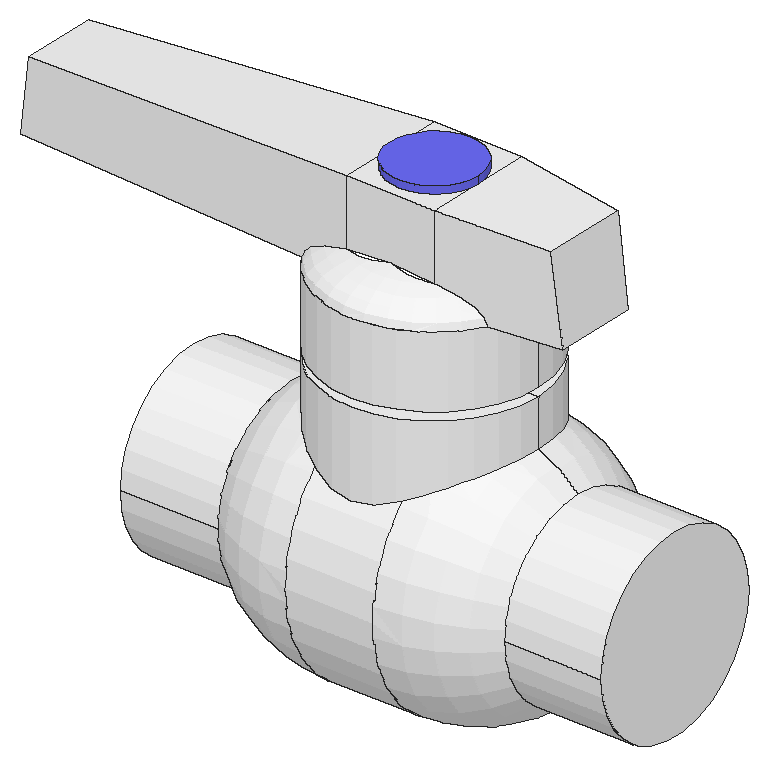
Revit family "PA_Арматура трубопроводов [кран шаровой полипропиленовый VTp.743.0]1 - VALTEC", category Арматура трубопроводов, Revit 2019
Family settings
  Размер круглого соединителя = Использовать диаметр
  Тип детали = Клапан - Вставляется
  На основе рабочей плоскости = Нет
  Всегда вертикально = Да
  При загрузке вырезать с полостями = Нет
  Общий = Нет
Parameters (values of type "VTp.743.0")
  Таблица = "PA_Арматура трубопроводов [кран шаровой полипропиленовый VTp.743.0] - VALTEC"  # constant formula
  Пользовательский [instance] = no
  Manufacturer = ""
  r [instance] = size_lookup(Таблица, "r", 0 mm, D)  # 20.9 mm
  h4 [instance] = size_lookup(Таблица, "h4", 0 mm, D)  # 4.8 mm
  h5 [instance] = size_lookup(Таблица, "h5", 0 mm, D)  # 5.8 mm
  h6 [instance] = size_lookup(Таблица, "h6", 0 mm, D)  # 2.5 mm
  d5 [instance] = size_lookup(Таблица, "d5", 0 mm, D)  # 12.8 mm
  b2 [instance] = size_lookup(Таблица, "b2", 0 mm, D)  # 23.4 mm
  h3 [instance] = size_lookup(Таблица, "h3", 0 mm, D)  # 10.4 mm
  h2 [instance] = size_lookup(Таблица, "h2", 0 mm, D)  # 1.2 mm
  dn [instance] = size_lookup(Таблица, "dn", 0 mm, D)  # 26.8 mm
  a2 [instance] = size_lookup(Таблица, "a2", 0 mm, D)  # 14.5 mm
  a1 [instance] = size_lookup(Таблица, "a1", 0 mm, D)  # 14.1 mm
  b1 [instance] = size_lookup(Таблица, "b1", 0 mm, D)  # 56 mm
  h1 [instance] = size_lookup(Таблица, "h1", 0 mm, D)  # 24.1 mm
  d1 [instance] = size_lookup(Таблица, "d1", 0 mm, D)  # 38.5 mm
  d4 [instance] = size_lookup(Таблица, "d4", 0 mm, D)  # 16 mm
  d2 [instance] = size_lookup(Таблица, "d2", 0 mm, D)  # 30.4 mm
  d3 [instance] = size_lookup(Таблица, "d3", 0 mm, D)  # 24.5 mm
  D [instance] = 20 mm
  URL = "https://valtec.ru/"
  e [instance] = size_lookup(Таблица, "e", 0 mm, D)  # 15 mm
  H [instance] = size_lookup(Таблица, "H", 0 mm, D)  # 34 mm
  B [instance] = size_lookup(Таблица, "B", 0 mm, D)  # 56 mm
  ADSK_Расход жидкости [instance] = 0.0 L/s
  ADSK_Примечание [instance] = ""
  ADSK_Потеря давления жидкости [instance] = 0.0 Pa
  ADSK_Позиция [instance] = ""
  ADSK_Обозначение [instance] = "VTp.743.0"  # constant formula
  ADSK_Наименование [instance] = size_lookup(Таблица, "", "Данный типоразмер отсутствует", D)  # "Кран шаровой полипропиленовый,  20 мм"
  Материал доп.1 = Синий - VALTEC
  ADSK_Материал = Белый - VALTEC
  ADSK_Масса [instance] = size_lookup(Таблица, "Масса", 0, D)  # 0.122
  ADSK_Марка [instance] = size_lookup(Таблица, "Маркировка", "Данный типоразмер отсутствует", D)  # "VTp.743.0"
  ADSK_Код изделия [instance] = size_lookup(Таблица, "Код продукта", "Данный типоразмер отсутствует", D)  # "VTp.743.0.020"
  ADSK_Завод-изготовитель [instance] = "VALTEC"  # constant formula
  ADSK_Единица измерения [instance] = "шт."  # constant formula
  ADSK_URL страницы изделия = "https://valtec.ru/catalog/sistemy_polipropilenovyh_truboprovodov/armatura_dlya_polipropilenovyh_truboprovodov/kran_polipropilenovyj_dlya_goryachej_vody_vtp7430.html"
  ADSK_URL документации изделия = "https://valtec.ru/document/technical/VTp.743-0519.pdf"
  A [instance] = size_lookup(Таблица, "A", 0 mm, D)  # 70 mm
Reference planes
  plane 1 "По центру (Вперед/Назад)": y = 0
  plane 2: z = 0
  plane 3 "По центру (Влево/Вправо)": x = 0
  plane 4: x = 35
  plane 5: y = 19.25
  plane 6: y = -19.25
  plane 7: x = -35
  plane 8: x = -20.9
  plane 9: x = -6.4
  plane 10: x = 20.9
  plane 11: x = 6.4
  plane 12: z = 19.25
  plane 13: z = -19.25
  plane 14: z = 13.4
  plane 15: z = -13.4
  plane 16: z = 24.1
  plane 17: z = 25.3
  plane 18: z = 35.7
  plane 19: z = 40.5
  plane 20: z = 48.8
  plane 21: x = -12.25
  plane 22: x = -15.2
  plane 23: x = 12.25
  plane 24: x = 15.2
  plane 25: x = -56
  plane 26 "b": x = 23.4
  plane 27: y = 8
  plane 28: y = -8
  plane 29: z = 49.8
  plane 30: x = -61
  plane 31: z = 54.8
  plane 32: x = 28.4
  plane 33: z = 46.3
Forms (mm)
  Extrusion 1, solid, material "Белый - VALTEC" <- "ADSK_Материал", detail levels medium+fine
    sketch origin (0, 0, 0) x (0, 1, 0) y (0, 0, 1)
      loop
        circle (0, 0) r 13.4
    from -35 to -20.9
  Extrusion 2, solid, material "Белый - VALTEC" <- "ADSK_Материал", detail levels medium+fine
    sketch origin (0, 0, 0) x (0, 1, 0) y (0, 0, 1)
      loop
        circle (0, 0) r 13.4
    from 20.9 to 35
  Revolve 3, solid, material "Белый - VALTEC" <- "ADSK_Материал", detail levels medium+fine
    sketch origin (0, 0, 0) x (1, 0, 0) y (0, 0, 1)
      loop
        arc (-6.4, 19.25) -> (-14.218, 17.732) -> (-20.9, 13.4) r 20.9
        line (-20.9, 13.4) -> (-20.9, 0) -> (20.9, 0) -> (20.9, 13.4)
        arc (20.9, 13.4) -> (14.218, 17.732) -> (6.4, 19.25) r 20.9
        line (6.4, 19.25) -> (-6.4, 19.25)
      axis (-20.9, 0) -> (20.9, 0)
    angle from 0 to 360
  Revolve 4, solid, material "Белый - VALTEC" <- "ADSK_Материал", detail levels medium+fine
    sketch origin (0, 0, 0) x (1, 0, 0) y (0, 0, 1)
      loop
        spline (0, 40.5) -> (-1.984, 40.459) -> (-3.934, 40.336) -> (-5.817, 40.135) -> (-7.6, 39.857) -> (-9.253, 39.508) -> (-10.748, 39.094) -> (-12.059, 38.622) -> (-13.164, 38.1) -> (-14.043, 37.537) -> (-14.682, 36.942) -> (-15.07, 36.327) -> (-15.2, 35.7)
        line (-15.2, 35.7) -> (-15.2, 25.3) -> (-12.25, 25.3) -> (-12.25, 24.1) -> (-15.2, 24.1) -> (-15.2, 0) -> (0, 0) -> (0, 40.5)
      axis (0, 40.5) -> (0, 0)
    angle from 0 to 360
  Extrusion 5, solid, material "Белый - VALTEC" <- "ADSK_Материал", detail levels medium+fine
    sketch origin (0, 0, 0) x (1, 0, 0) y (0, 1, 0)
      loop
        line (-6.4, 8) -> (-56, 5.401) -> (-56, -5.401) -> (-6.4, -8) -> (6.4, -8) -> (23.4, -5.913) -> (23.4, 5.913) -> (6.4, 8) -> (-6.4, 8)
    from 35.7 to 48.8
  Extrusion 6, solid, material "Синий - VALTEC" <- "Материал доп.1", detail levels medium+fine
    sketch origin (0, 0, 0) x (1, 0, 0) y (0, 1, 0)
      loop
        circle (0, 0) r 6.4
    from 48.8 to 49.8
  Extrusion 7, void
    sketch origin (0, 0, 0) x (1, 0, 0) y (0, 0, 1)
      loop
        line (-56, 35.7) -> (-54.702, 46.269) -> (-6.4, 48.8) -> (6.4, 48.8) -> (21.891, 47.988) -> (23.4, 35.7) -> (28.4, 35.7) -> (28.4, 54.8) -> (-61, 54.8) -> (-61, 35.7) -> (-56, 35.7)
    from -8 to 8
Cuts and joins
  Extrusion 7 cuts Extrusion 1
  Extrusion 7 cuts Extrusion 2
  Extrusion 7 cuts Revolve 3
  Extrusion 7 cuts Revolve 4
  Extrusion 7 cuts Extrusion 5
  joined: Extrusion 1, Extrusion 2, Revolve 3, Revolve 4, Extrusion 5
Lines and regions (mm)
  symbolic lines, detail levels coarse
    curve 1: line (35, 0, -19.25) -> (-35, 0, 19.25)
    curve 2: line (-35, 0, -19.25) -> (35, 0, 19.25)
    curve 3: line (35, 0, -19.25) -> (35, 0, 19.25)
    curve 4: line (-35, 0, -19.25) -> (-35, 0, 19.25)
  model lines, detail levels coarse
    curve 5: line (35, -19.25, 0) -> (-35, 19.25, 0)
    curve 6: line (35, 19.25, 0) -> (-35, -19.25, 0)
    curve 7: line (35, 19.25, 0) -> (35, -19.25, 0)
    curve 8: line (-35, 19.25, 0) -> (-35, -19.25, 0)
  reference lines
    curve 9: line (-35, 0, 0) -> (35, 0, 0)
Dimensions and locks
  equal spacing: plane 4, plane 3 "По центру (Влево/Вправо)", plane 7
  "A": plane 4 to plane 7
  "a1": plane 8 to plane 7
  "a2": plane 9 to plane 8
  "a1": plane 10 to plane 4
  "a2": plane 11 to plane 10
  equal spacing: plane 12, plane 2, plane 13
  "d1": plane 12 to plane 13
  equal spacing: plane 14, plane 2, plane 15
  "dn": plane 14 to plane 15
  equal spacing: plane 23, plane 3 "По центру (Влево/Вправо)", plane 21
  equal spacing: plane 24, plane 3 "По центру (Влево/Вправо)", plane 22
  "d3": plane 23 to plane 21
  "d2": plane 24 to plane 22
  "h4": Revolve 4 sketch curve to Revolve 4 sketch curve
  "b1": plane 3 "По центру (Влево/Вправо)" to plane 25
  "b2": plane 26 "b" to plane 3 "По центру (Влево/Вправо)"
  equal spacing: plane 28, plane 1 "По центру (Вперед/Назад)", plane 27
  "d4": plane 28 to plane 27
  locked: plane 25 to plane 30 at 5
  locked: plane 32 to plane 26 "b" at 5
  locked: plane 31 to plane 29 at 5
  "h1": plane 16 to plane 2
  "h2": plane 17 to plane 16
  "h3": plane 18 to plane 17
  "h4": plane 19 to plane 18
  "h5": plane 33 to plane 19
  "h6": plane 20 to plane 33
  locked: plane 29 to plane 20 at 1
  equal spacing: plane 6, plane 1 "По центру (Вперед/Назад)", plane 5
  "d1": plane 6 to plane 5
  "dn": diameter of Extrusion 1 sketch curve
  "dn": diameter of Extrusion 2 sketch curve
  "r": radius of Revolve 3 sketch curve  (x2)
  "d5": diameter of Extrusion 6 sketch curve
  locked: plane 28 to Extrusion 5 sketch curve (angle 7.00°)
  locked: Extrusion 5 sketch curve to plane 27 (angle 7.00°)
  locked: Extrusion 5 sketch curve to plane 28 (angle 3.00°)
  locked: plane 27 to Extrusion 5 sketch curve (angle 3.00°)
  locked: Extrusion 7 sketch curve to plane 25 (angle 7.00°)
  locked: plane 20 to Extrusion 7 sketch curve (angle 3.00°)
  angle plane 26 "b" to Extrusion 7 sketch curve = 7.00°
  angle Extrusion 7 sketch curve to plane 20 = 3.00°
  aligned and locked: level to plane 2
  aligned and locked: plane 2 to Extrusion 1 sketch curve
  aligned and locked: plane 1 "По центру (Вперед/Назад)" to Extrusion 1 sketch curve
  aligned and locked: plane 2 to Extrusion 2 sketch curve
  aligned and locked: plane 1 "По центру (Вперед/Назад)" to Extrusion 2 sketch curve
  aligned and locked: Extrusion 1 to plane 7
  aligned and locked: plane 8 to Extrusion 1
  aligned and locked: plane 10 to Extrusion 2
  aligned and locked: Extrusion 2 to plane 4
  aligned and locked: plane 9 to Revolve 3 sketch curve
  aligned and locked: plane 11 to Revolve 3 sketch curve
  aligned and locked: plane 12 to Revolve 3 sketch curve
  aligned and locked: plane 8 to Revolve 3 sketch curve
  aligned and locked: plane 10 to Revolve 3 sketch curve
  aligned and locked: Revolve 3 sketch curve to plane 2  (x2)
  aligned and locked: plane 14 to Revolve 3 sketch curve  (x2)
  aligned and locked: Revolve 4 sketch curve to plane 3 "По центру (Влево/Вправо)"  (x2)
  aligned and locked: plane 2 to Revolve 4 sketch curve
  aligned and locked: plane 21 to Revolve 4 sketch curve
  aligned and locked: plane 16 to Revolve 4 sketch curve
  aligned and locked: Revolve 4 sketch curve to plane 17
  aligned and locked: plane 18 to Revolve 4 sketch curve  (x2)
  aligned and locked: plane 22 to Revolve 4 sketch curve  (x2)
  aligned and locked: plane 3 "По центру (Влево/Вправо)" to Revolve 4 sketch curve
  aligned and locked: plane 9 to Extrusion 5 sketch curve  (x2)
  aligned and locked: plane 11 to Extrusion 5 sketch curve  (x2)
  aligned and locked: Extrusion 5 sketch curve to plane 27
  aligned and locked: plane 28 to Extrusion 5 sketch curve
  aligned and locked: Extrusion 5 sketch curve to plane 25
  aligned and locked: plane 18 to Extrusion 5
  aligned and locked: Extrusion 5 to plane 20
  aligned and locked: plane 3 "По центру (Влево/Вправо)" to Extrusion 6 sketch curve
  aligned and locked: plane 1 "По центру (Вперед/Назад)" to Extrusion 6 sketch curve
  aligned and locked: plane 20 to Extrusion 6
  aligned and locked: Extrusion 6 to plane 29
  aligned and locked: plane 26 "b" to Extrusion 5 sketch curve
  aligned and locked: plane 30 to Extrusion 7 sketch curve
  aligned and locked: Extrusion 7 sketch curve to plane 18  (x2)
  aligned and locked: Extrusion 7 sketch curve to plane 31
  aligned and locked: Extrusion 7 sketch curve to plane 32
  aligned and locked: plane 9 to Extrusion 7 sketch curve
  aligned and locked: plane 11 to Extrusion 7 sketch curve
  aligned and locked: plane 20 to Extrusion 7 sketch curve
  aligned and locked: plane 27 to cut or joined group of Extrusion 1, Extrusion 2, Revolve 3, Revolve 4, Extrusion 5, Extrusion 7
  aligned and locked: plane 28 to cut or joined group of Extrusion 1, Extrusion 2, Revolve 3, Revolve 4, Extrusion 5, Extrusion 7
  aligned and locked: plane 4 to curve 1
  aligned and locked: plane 13 to curve 1
  aligned and locked: plane 4 to curve 2
  aligned and locked: plane 12 to curve 3
  aligned and locked: plane 12 to curve 4
  aligned and locked: plane 13 to curve 4
  aligned and locked: plane 7 to curve 4
  aligned and locked: plane 5 to curve 8
  aligned and locked: plane 6 to curve 8
  aligned and locked: plane 6 to curve 5
  aligned and locked: plane 4 to curve 5
  aligned and locked: plane 5 to curve 6
  aligned and locked: plane 4 to curve 6
  aligned and locked: plane 7 to curve 6
  aligned and locked: curve 8 to plane 7
  aligned and locked: plane 7 to curve 9
  aligned and locked: plane 4 to curve 9
  aligned and locked: curve 9 to plane 2
Automatic sketch dimensions
  Revolve 3 sketch curve to plane 7 = 1442.53 mm
  Revolve 4 sketch curve to plane 13 = 346.795 mm
  Extrusion 7 sketch curve to plane 25 = 0 mm
  plane 26 "b" to Extrusion 7 sketch curve = 0 mm
  Revolve 3 sketch curve to plane 4 = 1775.148 mm
  Revolve 4 sketch curve to plane 29 = 2124.115 mm
Connectors
  piping at (-35, 0, 0), diameter 20, driven by "D", driven by "ADSK_Расход жидкости", driven by "ADSK_Потеря давления жидкости"
    settings: on curve 9, index 1, connector inside diameter 609.6 mm, connector length 0 mm, flow factor 0, pipe flow 0.0 L/s, pressure drop 0.0 Pa, fitting loss kfactor 0, connector angle 0.00°, fixture units 0, engagement length 0 mm, angle of deflection 0.00°, flow configuration 0, flow direction 0, fitting loss method 4, system type 29, joint type 0, gender type 0, connector reference index 2, connector utility 0, adjustable connector no, is connector primary yes, connector description ""
  piping at (35, 0, 0), diameter 20, driven by "D", driven by "ADSK_Расход жидкости"
    settings: on curve 9, index 2, connector inside diameter 609.6 mm, connector length 0 mm, flow factor 0, pipe flow 0.0 L/s, pressure drop 0.0 Pa, fitting loss kfactor 0, connector angle 0.00°, fixture units 0, engagement length 0 mm, angle of deflection 0.00°, flow configuration 0, flow direction 0, fitting loss method 0, system type 29, joint type 0, gender type 0, connector reference index 1, connector utility 0, adjustable connector no, is connector primary no, connector description ""
